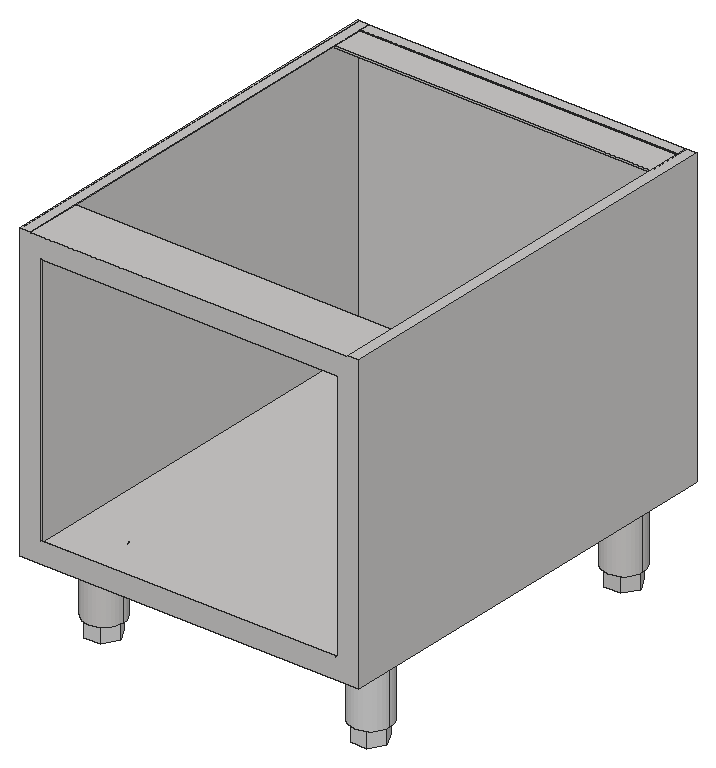
Revit family "QF_ELECTROLUXPROFESSIONAL_169030_AV24", category Specialty Equipment, Revit 2018
Family settings
  Round Connector Dimension = Use Diameter
  Part Type = Normal
  Work Plane-Based = No
  Always vertical = Yes
  Cut with Voids When Loaded = No
  Shared = Yes
  Room Calculation Point = No
Parameters
  Weight = "44 lbs."
  URL Manufacturer = "www.electrolux.com/foodservice"
  URL Cutsheet = "www.electrolux.com/foodservice"
  URL = "www.electrolux.com/foodservice"
  Type Mark [instance] = ""
  Type Comments = ""
  Status [instance] = ""
  Specification by User [instance] = ""
  Specification by Manufacturer = ""
  Serial Number = ""
  Seismic Rating = ""
  SMACNA No = ""
  Revision Code [instance] = ""
  Omniclass Number and Title = ""
  NAFEM Spec ID Number = ""
  Model = "AV24"
  MasterSpec. = ""
  Manufacturer = "ELECTROLUX"
  Item Number [instance] = ""
  Installed By [instance] = ""
  Identify Quantity as Lot [instance] = yes
  Furnished By [instance] = ""
  Foodservice Equipment Identifier [instance] = yes
  Direct Waste Size = 0"
  Description = "Open Cupboard 24\""
  CSI MasterFormat = ""
  CSI Master Format = ""
Reference planes (in)
  plane 1 "BACK": y = 0
  plane 2: z = 0
  plane 3 "LEFT": x = 0
  plane 4 "RIGHT": x = 24
  plane 5 "FRONT": y = -29.9375
  plane 6 "TOP": z = 26.75
  plane 7: z = 5.875
Forms (in)
  Extrusion 1, solid, material "QF_Finishes_Handrails and Railings"
    sketch origin (0.0822, 0.07031, 0) x (1, 0, 0) y (0, 1, 0)
      loop
        line (3.07085, -24.73494) -> (1.88975, -24.73494) -> (1.2992, -25.75781) -> (1.88975, -26.78067) -> (3.07085, -26.78067) -> (3.6614, -25.75781) -> (3.07085, -24.73494)
    from 0 to 1.1811
  Revolve 2, solid, material "QF_Finishes_Stainless Steel"
    sketch origin (0.0822, -25.6875, 0) x (1, 0, 0) y (0, 0, 1)
      loop
        line (2.4803, 1.1811) -> (2.4803, 5.875) -> (1.10235, 5.875) -> (1.10235, 1.1811) -> (2.4803, 1.1811)
      axis (2.4803, 5.875) -> (2.4803, 1.1811)
    angle from 0 to 360
  Extrusion 3, solid, material "QF_Finishes_Stainless Steel"
    sketch origin (0.0822, 22.50781, 0) x (1, 0, 0) y (0, 1, 0)
      loop
        line (3.07085, -24.73494) -> (1.88975, -24.73494) -> (1.2992, -25.75781) -> (1.88975, -26.78067) -> (3.07085, -26.78067) -> (3.6614, -25.75781) -> (3.07085, -24.73494)
    from 0 to 1.1811
  Revolve 4, solid, material "QF_Finishes_Stainless Steel"
    sketch origin (0.0822, -3.25, 0) x (1, 0, 0) y (0, 0, 1)
      loop
        line (2.4803, 1.1811) -> (2.4803, 5.875) -> (1.10235, 5.875) -> (1.10235, 1.1811) -> (2.4803, 1.1811)
      axis (2.4803, 5.875) -> (2.4803, 1.1811)
    angle from 0 to 360
  Extrusion 5, solid, material "QF_Finishes_Handrails and Railings"
    sketch origin (18.9572, 0.07031, 0) x (1, 0, 0) y (0, 1, 0)
      loop
        line (3.07085, -24.73494) -> (1.88975, -24.73494) -> (1.2992, -25.75781) -> (1.88975, -26.78067) -> (3.07085, -26.78067) -> (3.6614, -25.75781) -> (3.07085, -24.73494)
    from 0 to 1.1811
  Revolve 6, solid, material "QF_Finishes_Handrails and Railings"
    sketch origin (18.9572, -25.6875, 0) x (1, 0, 0) y (0, 0, 1)
      loop
        line (2.4803, 1.1811) -> (2.4803, 5.875) -> (1.10235, 5.875) -> (1.10235, 1.1811) -> (2.4803, 1.1811)
      axis (2.4803, 5.875) -> (2.4803, 1.1811)
    angle from 0 to 360
  Extrusion 7, solid, material "QF_Finishes_Stainless Steel"
    sketch origin (18.9572, 22.50781, 0) x (1, 0, 0) y (0, 1, 0)
      loop
        line (3.07085, -24.73494) -> (1.88975, -24.73494) -> (1.2992, -25.75781) -> (1.88975, -26.78067) -> (3.07085, -26.78067) -> (3.6614, -25.75781) -> (3.07085, -24.73494)
    from 0 to 1.1811
  Revolve 8, solid, material "QF_Finishes_Stainless Steel"
    sketch origin (18.9572, -3.25, 0) x (1, 0, 0) y (0, 0, 1)
      loop
        line (2.4803, 1.1811) -> (2.4803, 5.875) -> (1.10235, 5.875) -> (1.10235, 1.1811) -> (2.4803, 1.1811)
      axis (2.4803, 5.875) -> (2.4803, 1.1811)
    angle from 0 to 360
  Extrusion 9, solid, material "QF_Finishes_Stainless Steel"
    sketch origin (0, 0, 0) x (1, 0, 0) y (0, 0, 1)
      loop
        line (0, 5.875) -> (24, 5.875) -> (24, 26.6875) -> (0, 26.6875) -> (0, 5.875)
    from 0 to 0.0625
  Extrusion 10, solid, material "QF_Finishes_Stainless Steel"
    sketch origin (0, -30.3125, 0) x (1, 0, 0) y (0, 0, 1)
      loop
        line (0.0625, 5.9375) -> (23.9375, 5.9375) -> (23.9375, 26.6875) -> (0.0625, 26.6875) -> (0.0625, 5.9375)
      loop
        line (22.5, 25.25) -> (1.5, 25.25) -> (1.5, 7.375) -> (22.5, 7.375) -> (22.5, 25.25)
    from -0.4375 to -0.375
  Extrusion 11, solid, material "QF_Finishes_Stainless Steel"
    sketch origin (0, 0, 0) x (1, 0, 0) y (0, 0, 1)
      loop
        line (24, 26.75) -> (23.25, 26.75) -> (23.25, 26.6875) -> (23.9375, 26.6875) -> (23.9375, 5.9375) -> (0.0625, 5.9375) -> (0.0625, 26.6875) -> (0.75, 26.6875) -> (0.75, 26.75) -> (0, 26.75) -> (0, 5.875) -> (24, 5.875) -> (24, 26.75)
    from 0 to 29.9375
  Extrusion 12, solid, material "QF_Finishes_Stainless Steel"
    sketch origin (0, 0, 26.6875) x (1, 0, 0) y (0, 1, 0)
      loop
        line (0.75, 0) -> (0.75, -0.75) -> (23.25, -0.75) -> (23.25, 0) -> (0.75, 0)
    from 0 to 0.0625
  Extrusion 13, solid, material "QF_Finishes_Stainless Steel"
    sketch origin (0, -29.1875, 26.5625) x (1, 0, 0) y (0, 1, 0)
      loop
        line (0.75, 3.25) -> (0.75, -0.6875) -> (23.25, -0.6875) -> (23.25, 3.25) -> (0.75, 3.25)
      loop
        line (0.75, 28.4375) -> (0.75, 26.1875) -> (23.25, 26.1875) -> (23.25, 28.4375) -> (0.75, 28.4375)
    from 0 to 0.125
Cuts and joins
  joined: Extrusion 9, Extrusion 10, Extrusion 11, Extrusion 13
Lines and regions (in)
  symbolic lines
    curve 1: line (0, 0, 0) -> (24, 0, 0)
    curve 2: line (0, -29.9375, 0) -> (0, 0, 0)
    curve 3: line (24, -29.9375, 0) -> (0, -29.9375, 0)
    curve 4: line (24, 0, 0) -> (24, -29.9375, 0)
    curve 5: line (23.25, -29.9375, 0) -> (0.75, -29.9375, 0)
    curve 6: line (23.25, -0.75, 0) -> (23.25, -29.9375, 0)
    curve 7: line (0.75, -0.75, 0) -> (23.25, -0.75, 0)
    curve 8: line (0.75, -29.9375, 0) -> (0.75, -0.75, 0)
    curve 9: line (0.75, -3, 0) -> (23.25, -3, 0)
    curve 10: line (23.25, -25.9375, 0) -> (0.75, -25.9375, 0)
    curve 11: line (23.25, -0.75, 0) -> (24, 0, 0)
    curve 12: line (0.75, -0.75, 0) -> (0, 0, 0)
Dimensions and locks (in)
  locked: plane 5 "FRONT" to plane 1 "BACK" at 29.9375
  plane 3 "LEFT" to plane 4 "RIGHT" = 24"  (x2)
  plane 6 "TOP" to level = 26 3/4"  (x3)
  plane 1 "BACK" to plane 5 "FRONT" = 29 15/16"
  plane 1 "BACK" to Extrusion 3 = 3 1/4"
  Extrusion 3 to Extrusion 1 = 22 7/16"
  plane 7 to level = 5 7/8"
  plane 5 "FRONT" to plane 1 "BACK" = 29 15/16"
  aligned and locked: level to plane 2
  aligned and locked: plane 5 "FRONT" to cut or joined group of Extrusion 9, Extrusion 10, Extrusion 11, Extrusion 13
